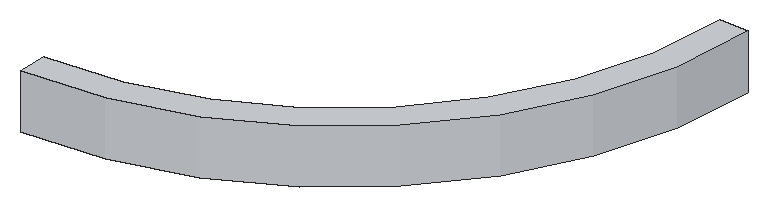
Revit family "CTF,CTS_CURTAIN TRACK_CORNER", category Generic Models, Revit 2013
Parameters (values of type "CTF,CTS_CURTAIN TRACK_CORNER")
  Top of Track Height = 2100 mm
  Radius [instance] = 280 mm
Types (2): name
  CTF,CTS_CURTAIN TRACK_CORNER
  CTF
Reference planes
  plane 1 "Center (Front/Back)": y = 0
  plane 2: z = 0
  plane 3 "Center (Left/Right)": x = 0
  plane 4: z = 2100
  plane 5: z = 2062
  plane 6: x = -280
Forms (mm)
  Sweep 1, solid
    path origin (0, 0, 0) x (1, 0, 0) y (0, 1, 0)
      loop
        arc (0, 0) -> (-82.01, -197.99) -> (-280, -280) r 280
    profile origin (-82.01, -197.99, 0) x (0.707107, -0.707107, 0) y (0, 0, 1)
      loop
        line (-20, 2100) -> (-20, 2062) -> (-15, 2062) -> (-15, 2072) -> (-5, 2072) -> (-5, 2062) -> (0, 2062) -> (0, 2100) -> (-20, 2100)
Lines and regions (mm)
  reference lines
    curve 1: arc (0, 0, 0) -> (-82.01, -197.99, 0) -> (-280, -280, 0) r 280
  symbolic lines, style "GenericModelHiddenLines"
    curve 2: arc (-20, 0, 0) -> (-96.152, -183.848, 0) -> (-280, -260, 0) r 260
    curve 3: arc (0, 0, 0) -> (-82.01, -197.99, 0) -> (-280, -280, 0) r 280
    curve 4: line (-280, -260, 0) -> (-280, -280, 0)
    curve 5: line (-20, 0, 0) -> (0, 0, 0)
Dimensions and locks
  "Radius": plane 6 to plane 3 "Center (Left/Right)"
  plane 4 to plane 5 = 38 mm  (x2)
  "Top of Track Height": plane 4 to level
  Sweep 1 sketch curve to Sweep 1 sketch curve = 10 mm
  "Radius": radius of curve 1
  aligned and locked: level to plane 2
  aligned and locked: plane 6 to curve 1
  aligned and locked: plane 1 "Center (Front/Back)" to curve 1
  aligned and locked: Sweep 1 sketch curve to curve 1
  aligned and locked: plane 6 to Sweep 1 sketch curve
  aligned and locked: plane 1 "Center (Front/Back)" to Sweep 1 sketch curve
  aligned and locked: Sweep 1 sketch curve to plane 4
  aligned and locked: plane 5 to Sweep 1 sketch curve  (x2)
  aligned and locked: curve 2 to Sweep 1
  aligned and locked: curve 3 to Sweep 1
  aligned and locked: curve 4 to Sweep 1
  aligned and locked: curve 5 to Sweep 1
Automatic sketch dimensions
  Sweep 1 sketch curve to profile plane = 0 mm
  profile plane to Sweep 1 sketch curve = 20 mm
  profile plane to Sweep 1 sketch curve = 5 mm
  profile plane to Sweep 1 sketch curve = 15 mm
